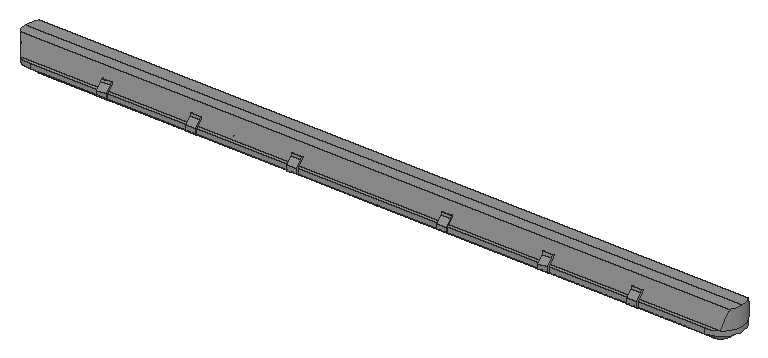
Revit family "ДСП-01 60 Вт 1500", category Осветительные приборы, Revit 2019
Family settings
  Основа = Потолок
  Размер круглого соединителя = Использовать диаметр
  Тип детали = Нормальный
  Номер OmniClass = 23.80.70.11
  Заголовок OmniClass = Luminaries for Internal Lighting
  Всегда вертикально = Да
  При загрузке вырезать с полостями = Нет
  Источник света = Да
  Общий = Нет
  Точка расчета площади = Нет
Parameters (values of type "ДСП-01-ПП-60-1500-4К-IP65")
  Эффективность светильника = "118"
  Частота сети = "50 / 60 Гц"
  Цвет корпуса = "Серый"
  Файл фотометрической сетки = "INNOLUX 14 733 DSP-01-PP-60-1500-4K-IP65.ies"
  Ударопрочность = "IK08"
  Угол наклона = 90.00°
  Типоразмер светодиода = "2835"
  Тип рассеивателя = "призматический опал"
  Тип кривой силы света по ГОСТ 54350-2011 = "Д"
  Степень защиты (IP) = "IP65"
  Срок службы = "80000"
  Способ монтажа = "накладной / подвесной"
  Сила тока = "0.27 А"
  Световой поток модуля = "8000"
  Пусковой ток = "17 А"
  Потребляемый ток = "0"
  Полная установленная мощность = 60 VA
  Объём упаковки = "1500х110х85 мм"
  built-in parameter 1150142 = "IESNA: LM-63-1995\r\n[TEST] lab - arhilight 1912726\r\n[MANUFAC] INNOLUX\r\n [LUMCAT] 14 733\r\n[LUMINAIRE] DSP-01-PP-60-1500-4Ê-IP65\r\n[LAMPCAT] LED 60W 4000K\r\n[MORE] \r\n[MORE]\r\n[LAMPCAT]\r\n[LAMP]  \r\n[BALLAST] NO\r\n[_PRODUCTGROUP] \r\n[_INFOLINK] This file is created by A.Arkhipov (www.arhilight.ru)\r\nTILT=NONE\r\n \r\n1 6771 6.7 161 73 1 2 1.49 0.095 0.075\r\n 1  1 60.0\r\n\r\n0 1 2 3 4 5 6 7 8 9 10 11 12 13 14 15 16 17 18 19 20 21 22 23 24 25 26 27 28 29 30 31 32 33 34 35 36 37 38 39 40 41 42 43 44 45 46 47 48 49 50 51 52 53 54 55 56 57 58 59 60 61 62 63 64 65 66 67 68 69 70 71 72 73 74 75 76 77 78 79 80 81 82 83 84 85 86 87 88 89 90 91 92 93 94 95 96 97 98 99 100 101 102 103 104 105 106 107 108 109 110 111 112 113 114 115 116 117 118 119 120 121 122 123 124 125 126 127 128 129 130 131 132 133 134 135 136 137 138 139 140 141 142 143 144 145 146 147 148 149 150 151 152 153 154 155 156 157 158 159 160\r\n\r\n0 2.5 5 7.5 10 12.5 15 17.5 20 22.5 25 27.5 30 32.5 35 37.5 40 42.5 45 47.5 50 52.5 55 57.5 60 62.5 65 67.5 70 72.5 75 77.5 80 82.5 85 87.5 90 92.5 95 97.5 100 102.5 105 107.5 110 112.5 115 117.5 120 122.5 125 127.5 130 132.5 135 137.5 140 142.5 145 147.5 150 152.5 155 157.5 160 162.5 165 167.5 170 172.5 175 177.5 180 \r\n\r\n292.3 292.5 292.5 292.5 292.3 292 291.6 291.2 290.6 289.9 289.1 288.3 287.3 286.1 284.9 283.6 282.2 280.7 279 277.4 275.5 273.6 271.6 269.5 267.4 265.1 262.7 260.3 257.6 255 252.3 249.4 246.5 243.5 240.5 237.2 234 230.7 227.4 223.8 220.3 216.6 213 209.1 205.4 201.4 197.4 193.4 189.4 185.2 181 176.7 172.3 167.9 163.4 158.8 154.2 149.5 144.9 140 135.3 130.4 125.6 120.7 115.8 110.8 105.8 100.8 95.7 90.5 85.5 80.3 75.2 70.1 65 59.9 55 49.9 45.1 40.3 35.6 31.1 26.7 22.7 18.9 15.4 12.3 9.6 7.4 5.9 4.9 4.4 4.2 4.2 4.2 4.1 4 4 3.9 3.9 3.9 3.9 3.9 3.8 3.8 3.8 3.8 3.7 3.7 3.7 3.7 3.6 3.6 3.6 3.6 3.6 3.6 3.6 3.6 3.6 3.6 3.5 3.5 3.5 3.5 3.6 3.5 3.6 3.6 3.6 3.6 3.6 3.6 3.6 3.6 3.6 3.6 3.7 3.7 3.7 3.7 3.7 3.7 3.8 3.7 3.8 3.8 3.8 3.8 3.8 0 0 0 0 0 0 0 0 0 0 0\r\n292.2 292.4 292.4 292.4 292.2 292 291.6 291.2 290.6 289.9 289.1 288.3 287.2 286.1 284.9 283.6 282.2 280.7 279 277.3 275.5 273.6 271.6 269.5 267.3 265 262.6 260.2 257.6 255 252.2 249.3 246.4 243.4 240.3 237.1 233.9 230.6 227.2 223.7 220.2 216.5 212.8 209 205.2 201.2 197.3 193.2 189.1 184.9 180.7 176.4 172.1 167.6 163.1 158.4 153.9 149.1 144.4 139.6 134.8 129.9 125.1 120.1 115.2 110.2 105.2 100.1 95 89.8 84.7 79.5 74.4 69.2 64.2 59.1 54.1 49.1 44.3 39.5 34.8 30.3 26 21.9 18.2 14.7 11.7 9.1 7.1 5.7 4.8 4.3 4.1 4.1 4 4 3.9 3.9 3.8 3.8 3.8 3.8 3.7 3.7 3.7 3.7 3.6 3.6 3.6 3.6 3.6 3.5 3.5 3.5 3.5 3.5 3.5 3.5 3.5 3.5 3.5 3.5 3.5 3.5 3.5 3.5 3.5 3.6 3.6 3.6 3.6 3.7 3.7 3.7 3.7 3.7 3.7 3.7 3.7 3.8 3.8 1.8 1.9 1.9 1.9 1.9 1.9 1.9 1.9 1.9 0 0 0 0 0 0 0 0 0 0 0\r\n292.1 292.2 292.3 292.3 292.2 292 291.6 291.2 290.6 289.9 289.1 288.2 287.2 286.1 284.9 283.6 282.2 280.7 279 277.3 275.5 273.6 271.6 269.5 267.3 265 262.6 260.2 257.6 254.9 252.1 249.3 246.3 243.3 240.2 237 233.8 230.5 227.1 223.6 220 216.4 212.7 208.8 205 201 197.1 193 188.9 184.7 180.4 176.1 171.8 167.3 162.8 158.1 153.5 148.8 144 139.2 134.4 129.4 124.6 119.6 114.7 109.5 104.5 99.4 94.3 89.1 84 78.7 73.5 68.4 63.4 58.2 53.2 48.2 43.4 38.7 34 29.6 25.2 21.1 17.4 14.1 11.1 8.7 6.8 5.5 4.7 4.2 4 3.9 3.9 3.9 3.8 3.8 3.7 3.7 3.7 3.6 3.6 3.6 3.6 3.5 3.5 3.5 3.5 3.5 3.5 3.4 3.5 3.4 3.4 3.4 3.4 3.5 3.4 3.5 3.4 3.5 3.5 3.5 3.5 3.5 3.6 3.6 3.6 3.6 3.6 3.7 3.7 3.7 3.7 3.7 3.8 3.8 3.8 3.8 3.8 0 0 0 0 0 0 0 0 0 0 0 0 0 0 0 0 0 0 0 0\r\n292 292.2 292.3 292.3 292.3 292 291.6 291.2 290.7 290 289.3 288.4 287.5 286.4 285.2 283.9 282.5 281 279.4 277.7 275.9 274 272 269.9 267.7 265.5 263.1 260.7 258 255.4 252.7 249.9 246.9 244 240.9 237.7 234.5 231.1 227.8 224.3 220.7 217.1 213.4 209.5 205.7 201.7 197.7 193.6 189.5 185.3 181.1 176.7 172.4 167.8 163.3 158.7 154.1 149.4 144.7 139.8 135 130.1 125.2 120.1 115.2 110.1 105 99.9 94.8 89.6 84.4 79.2 74.1 69 63.9 58.8 53.9 48.9 44.2 39.4 34.8 30.4 26.2 22.2 18.6 15.3 12.4 10 8.1 6.7 5.6 5 4.5 4.3 4.1 4 3.9 3.8 3.8 3.7 3.7 3.7 3.6 3.6 3.6 3.6 3.6 3.5 3.5 3.5 3.5 3.4 3.5 3.4 3.5 3.4 3.4 3.5 3.4 3.5 3.5 3.5 3.5 3.5 3.5 3.5 3.5 3.6 3.6 3.6 3.6 3.6 3.7 3.7 3.7 3.7 3.7 1.9 1.9 1.9 1.9 0 0 0 0 0 0 0 0 0 0 0 0 0 0 0 0 0 0 0 0\r\n292 292.1 292.4 292.3 292.3 292 291.7 291.3 290.7 290.2 289.4 288.6 287.7 286.6 285.5 284.2 282.7 281.3 279.7 278.1 276.3 274.4 272.5 270.4 268.2 266 263.6 261.2 258.5 256 253.3 250.5 247.6 244.6 241.6 238.4 235.2 231.8 228.4 224.9 221.4 217.7 214 210.2 206.4 202.4 198.4 194.3 190.2 185.9 181.7 177.3 173 168.4 163.9 159.3 154.7 150 145.3 140.4 135.6 130.7 125.8 120.7 115.8 110.6 105.5 100.4 95.2 90.1 84.9 79.8 74.7 69.5 64.5 59.4 54.6 49.6 44.9 40.2 35.6 31.3 27.1 23.3 19.7 16.5 13.7 11.3 9.4 7.8 6.6 5.7 5.1 4.6 4.3 4.1 3.9 3.9 3.8 3.8 3.8 3.7 3.7 3.6 3.6 3.6 3.6 3.6 3.6 3.6 3.5 3.5 3.5 3.5 3.5 3.5 3.5 3.5 3.4 3.5 3.5 3.5 3.4 3.5 3.5 3.5 3.5 3.6 3.6 3.5 3.6 3.6 3.6 3.6 3.6 3.7 3.6 0 0 0 0 0 0 0 0 0 0 0 0 0 0 0 0 0 0 0 0 0 0 0 0\r\n292 292.1 292.3 292.2 292.1 291.8 291.5 291 290.5 289.8 289.1 288.2 287.3 286.2 285 283.7 282.3 280.9 279.3 277.6 275.8 273.9 272 269.9 267.7 265.4 263.1 260.7 258 255.5 252.7 250 247 244.1 241 237.9 234.7 231.3 227.9 224.5 221 217.4 213.7 209.9 206.1 202.2 198.2 194.1 190.1 185.8 181.7 177.3 173 168.5 164.1 159.5 155 150.3 145.7 140.8 136.1 131.2 126.3 121.4 116.6 111.5 106.5 101.5 96.5 91.3 86.3 81.2 76.2 71.1 66.2 61.2 56.4 51.6 47 42.4 38 33.8 29.8 26 22.5 19.4 16.6 14.2 12.1 10.4 9 7.8 6.9 6.1 5.5 5.1 4.8 4.5 4.3 4.2 4.1 4 4 4 3.9 3.9 3.9 3.8 3.8 3.8 3.8 3.7 3.8 3.7 3.7 3.7 3.7 3.7 3.7 3.6 3.7 3.7 3.6 3.7 3.7 3.7 3.7 3.7 3.7 3.7 3.7 3.7 3.8 3.7 3.8 3.8 3.8 1.9 1.9 1.9 1.9 1.9 1.9 1.9 1.9 1.9 1.9 1.9 0 0 0 0 0 0 0 0 0 0 0 0 0\r\n291.9 292.1 292.1 292.1 291.9 291.7 291.3 290.8 290.3 289.5 288.8 287.9 286.9 285.8 284.6 283.3 281.9 280.4 278.8 277.1 275.3 273.4 271.5 269.3 267.2 264.9 262.5 260.1 257.6 254.9 252.2 249.4 246.5 243.6 240.4 237.3 234.1 230.8 227.5 224 220.6 217 213.4 209.6 205.8 201.9 198 193.9 189.9 185.7 181.6 177.4 173.1 168.7 164.3 159.8 155.3 150.6 146 141.2 136.5 131.7 126.9 122.1 117.3 112.4 107.6 102.6 97.7 92.6 87.7 82.6 77.7 72.7 67.8 62.9 58.3 53.6 49.1 44.7 40.4 36.4 32.4 28.8 25.4 22.3 19.5 17.1 14.8 12.9 11.3 9.9 8.7 7.7 6.8 6.1 5.6 5.1 4.8 4.5 4.4 4.3 4.3 4.3 4.2 4.2 4.1 4.1 4.1 4.1 4.1 4 4 4 3.9 4 3.9 3.9 3.9 3.8 3.9 3.9 3.9 3.9 3.9 3.8 3.9 3.9 3.9 3.9 3.9 3.8 3.9 3.9 3.9 3.9 3.9 3.9 3.8 3.8 3.8 3.8 3.8 3.8 3.8 3.9 3.9 3.9 0 0 0 0 0 0 0 0 0 0 0 0 0\r\n291.9 292.1 292.1 292 291.9 291.6 291.2 290.8 290.2 289.5 288.7 287.8 286.8 285.7 284.5 283.2 281.8 280.3 278.7 277.1 275.3 273.4 271.4 269.3 267.1 264.9 262.5 260.1 257.5 254.9 252.2 249.4 246.5 243.6 240.4 237.3 234.1 230.8 227.4 224 220.6 217 213.4 209.7 205.9 202 198.1 194.1 190.1 185.9 181.8 177.4 173.2 168.8 164.5 159.9 155.5 150.8 146.3 141.5 136.8 132 127.2 122.4 117.7 112.8 108 103.1 98.3 93.3 88.5 83.6 78.7 73.8 69 64.3 59.7 55.1 50.7 46.4 42.2 38.3 34.5 30.9 27.6 24.6 21.8 19.3 17.1 15.1 13.3 11.8 10.4 9.2 8.2 7.4 6.7 6 5.6 5.2 4.9 4.7 4.5 4.4 4.3 4.3 4.2 4.2 4.2 4.2 4.1 4.1 4.1 4 4 4 4 4 4 3.9 3.9 3.9 3.9 3.9 3.9 3.9 3.9 3.9 3.9 3.9 3.9 3.9 3.9 3.9 3.9 3.8 3.8 3.8 3.8 3.8 3.8 3.8 3.8 3.8 3.8 3.8 3.8 3.8 1.9 1.9 1.9 1.9 0 0 0 0 0 0 0 0 0\r\n291.9 292 292.1 292 291.8 291.6 291.2 290.8 290.1 289.5 288.7 287.8 286.8 285.6 284.4 283.1 281.7 280.3 278.7 277 275.2 273.3 271.3 269.3 267.1 264.8 262.5 260.1 257.5 254.9 252.2 249.4 246.5 243.6 240.5 237.3 234.1 230.8 227.4 224 220.5 217 213.4 209.7 206 202.1 198.2 194.2 190.2 186 181.9 177.5 173.3 168.9 164.6 160.1 155.7 151 146.5 141.8 137.1 132.3 127.6 122.7 118 113.2 108.4 103.6 98.9 94 89.3 84.5 79.7 74.9 70.3 65.6 61.2 56.6 52.3 48.1 44.1 40.2 36.6 33.1 29.8 26.9 24.1 21.6 19.3 17.3 15.3 13.6 12.1 10.8 9.6 8.7 7.8 7 6.4 5.8 5.4 5 4.7 4.5 4.5 4.4 4.4 4.3 4.3 4.3 4.2 4.2 4.2 4.1 4.1 4.1 4.1 4.1 4 4 4 4 4 4 4 4 4 3.9 4 3.9 3.9 3.9 3.9 3.9 3.8 3.8 3.8 3.8 3.8 3.8 3.8 3.8 3.8 3.8 3.8 3.8 3.8 3.8 3.8 3.8 3.8 3.9 0 0 0 0 0 0 0 0 0\r\n291.8 292 292.1 292 291.8 291.6 291.2 290.8 290.2 289.5 288.7 287.9 286.9 285.8 284.7 283.4 282 280.5 278.9 277.3 275.5 273.6 271.7 269.7 267.6 265.3 263 260.6 258.1 255.5 252.7 249.9 247.1 244.1 241.1 237.9 234.8 231.4 228.1 224.6 221.2 217.6 214 210.2 206.5 202.6 198.7 194.7 190.7 186.5 182.3 178 173.8 169.4 165 160.5 156.1 151.5 147 142.3 137.6 132.9 128.2 123.4 118.7 113.9 109.2 104.4 99.7 94.9 90.2 85.5 80.9 76.2 71.7 67.1 62.8 58.5 54.3 50.3 46.3 42.7 39.1 35.8 32.6 29.8 27 24.5 22.1 20 18 16.2 14.6 13.1 11.8 10.7 9.6 8.7 7.9 7.2 6.5 6 5.5 5.2 4.9 4.7 4.5 4.4 4.4 4.3 4.3 4.3 4.2 4.2 4.2 4.1 4.1 4.1 4.1 4.1 4.1 4.1 4.1 4.1 4 4 4.1 4 4.1 4.1 4.1 4.1 4 4.1 4 4 4 4.1 4 4 4.1 4 4.1 4.1 4.1 4.1 4.1 4.1 4.1 4.1 4.1 4.1 2.2 2.2 2.2 2.2 2.2 2.2 2.2 0 0\r\n291.8 291.9 292 292 291.8 291.6 291.2 290.8 290.2 289.6 288.8 288 287.1 286 284.9 283.6 282.2 280.8 279.2 277.5 275.8 273.9 272.1 270.1 268 265.9 263.5 261.2 258.6 256.1 253.3 250.5 247.7 244.7 241.7 238.5 235.4 232.1 228.8 225.3 221.8 218.2 214.6 210.8 207 203.1 199.2 195.1 191.1 186.9 182.8 178.5 174.2 169.8 165.5 161 156.6 152 147.4 142.8 138.2 133.4 128.8 124 119.3 114.6 109.9 105.2 100.5 95.8 91.2 86.5 82 77.4 73.1 68.6 64.5 60.3 56.3 52.4 48.6 45.1 41.7 38.5 35.5 32.6 29.9 27.3 24.9 22.7 20.7 18.8 17 15.4 14 12.7 11.4 10.3 9.4 8.5 7.7 7 6.4 5.8 5.3 4.9 4.7 4.5 4.4 4.4 4.3 4.3 4.3 4.3 4.2 4.2 4.2 4.2 4.2 4.2 4.2 4.2 4.1 4.2 4.1 4.1 4.2 4.2 4.2 4.2 4.2 4.2 4.2 4.3 4.2 4.3 4.3 4.3 4.3 4.3 4.3 4.3 4.3 4.3 4.4 4.3 4.4 4.4 4.4 4.4 4.4 4.4 4.4 4.4 4.4 4.4 4.4 4.4 4.4 0 0\r\n291.8 291.9 292 291.9 291.8 291.6 291.2 290.8 290.3 289.7 288.9 288.1 287.2 286.1 285 283.8 282.4 281 279.4 277.8 276 274.2 272.3 270.3 268.2 266.1 263.8 261.4 258.9 256.4 253.6 250.9 248 245.1 242.1 239 235.9 232.6 229.3 225.9 222.4 218.8 215.2 211.4 207.7 203.8 200 195.9 191.9 187.8 183.6 179.4 175.1 170.8 166.4 162 157.6 153 148.5 143.9 139.4 134.7 130.1 125.5 120.8 116.2 111.6 106.9 102.4 97.7 93.2 88.6 84.2 79.8 75.5 71.2 67.1 63 59 55.2 51.5 48 44.6 41.5 38.4 35.6 32.8 30.2 27.7 25.5 23.3 21.3 19.5 17.8 16.2 14.8 13.4 12.2 11.1 10.1 9.2 8.4 7.6 7 6.3 5.8 5.4 5 4.8 4.7 4.5 4.5 4.5 4.5 4.4 4.4 4.4 4.4 4.4 4.4 4.3 4.3 4.3 4.3 4.3 4.3 4.3 4.3 4.3 4.3 4.3 4.3 4.3 4.4 4.4 4.4 4.4 4.4 4.4 4.4 4.4 4.4 4.4 4.4 4.4 4.4 4.5 4.5 4.4 4.5 4.5 4.5 4.5 4.5 4.5 2.2 2.2 2.2 2.2 0 0\r\n291.7 291.9 292 291.9 291.7 291.5 291.2 290.8 290.3 289.7 289 288.2 287.3 286.3 285.1 283.9 282.6 281.1 279.6 278 276.3 274.5 272.5 270.6 268.4 266.3 264 261.6 259.1 256.6 253.9 251.2 248.4 245.5 242.5 239.4 236.4 233.1 229.8 226.4 223 219.4 215.8 212.1 208.4 204.5 200.7 196.7 192.7 188.6 184.5 180.3 176 171.7 167.4 163 158.6 154.1 149.7 145.1 140.6 136 131.5 126.9 122.4 117.8 113.3 108.7 104.2 99.6 95.2 90.8 86.4 82.1 77.9 73.7 69.7 65.6 61.8 58 54.4 50.9 47.6 44.4 41.4 38.5 35.7 33.1 30.6 28.3 26 23.9 22 20.2 18.4 16.9 15.4 14.1 12.8 11.8 10.7 9.7 8.9 8.1 7.4 6.7 6.1 5.6 5.3 4.9 4.8 4.8 4.7 4.7 4.7 4.6 4.6 4.6 4.5 4.5 4.5 4.5 4.4 4.4 4.4 4.4 4.4 4.4 4.4 4.4 4.4 4.4 4.5 4.5 4.5 4.5 4.5 4.5 4.5 4.5 4.5 4.5 4.5 4.5 4.5 4.5 4.5 4.5 4.5 4.6 4.6 4.5 4.6 4.6 4.6 0 0 0 0 0 0\r\n291.8 291.9 292 291.9 291.7 291.5 291.1 290.7 290.2 289.6 288.8 288 287 286 284.9 283.7 282.3 280.9 279.3 277.7 275.9 274.2 272.2 270.2 268.1 265.9 263.6 261.3 258.8 256.2 253.5 250.8 248 245.1 242.1 239 235.9 232.6 229.3 225.9 222.5 218.9 215.3 211.5 207.8 204 200.1 196.1 192.1 188 184 179.7 175.5 171.2 167 162.6 158.3 153.8 149.4 144.9 140.5 136 131.6 127 122.6 118.1 113.6 109.1 104.8 100.3 96 91.7 87.4 83.2 79.2 75.1 71.2 67.2 63.5 59.8 56.3 52.9 49.7 46.6 43.5 40.7 37.9 35.3 32.8 30.5 28.2 26.1 24.1 22.2 20.5 18.8 17.3 15.9 14.5 13.3 12.2 11.1 10.1 9.3 8.4 7.7 6.9 6.3 5.8 5.4 5 4.9 4.7 4.6 4.6 4.6 4.6 4.5 4.5 4.5 4.4 4.4 4.4 4.4 4.4 4.3 4.3 4.4 4.3 4.3 4.3 4.4 4.4 4.4 4.4 4.4 4.4 4.4 4.5 4.4 4.5 4.4 4.5 4.4 4.5 4.5 4.5 4.5 4.5 4.5 4.5 4.5 4.6 4.5 4.6 2.2 2.2 2.2 2.2 2.2 2.3\r\n291.8 291.9 292 291.9 291.7 291.4 291 290.5 290 289.4 288.6 287.8 286.8 285.8 284.6 283.4 282 280.6 279 277.4 275.6 273.8 271.9 269.9 267.8 265.6 263.3 260.9 258.4 255.9 253.2 250.4 247.6 244.6 241.6 238.5 235.4 232 228.8 225.3 221.9 218.3 214.7 211 207.2 203.4 199.5 195.5 191.6 187.5 183.4 179.2 175.1 170.8 166.5 162.3 157.9 153.5 149.2 144.8 140.5 136 131.6 127.2 122.8 118.4 114 109.6 105.3 101 96.8 92.6 88.5 84.4 80.4 76.4 72.6 68.8 65.2 61.6 58.2 54.9 51.8 48.7 45.7 42.9 40.1 37.5 35 32.7 30.4 28.3 26.2 24.3 22.5 20.8 19.2 17.6 16.2 14.9 13.7 12.5 11.4 10.4 9.5 8.6 7.8 7 6.4 5.8 5.3 4.9 4.7 4.6 4.5 4.5 4.5 4.5 4.4 4.4 4.4 4.4 4.3 4.3 4.3 4.3 4.3 4.3 4.3 4.3 4.3 4.3 4.3 4.4 4.3 4.3 4.4 4.4 4.4 4.4 4.4 4.4 4.4 4.4 4.4 4.4 4.4 4.5 4.5 4.4 4.5 4.5 4.5 4.5 4.5 4.5 4.5 4.5 4.5 4.5 4.5\r\n291.7 291.9 291.9 291.8 291.6 291.4 291 290.5 289.9 289.3 288.6 287.7 286.7 285.7 284.5 283.3 281.9 280.5 278.9 277.3 275.5 273.7 271.8 269.8 267.7 265.6 263.2 260.8 258.3 255.8 253.1 250.4 247.5 244.6 241.6 238.5 235.4 232.1 228.8 225.4 222 218.4 214.9 211.1 207.4 203.6 199.8 195.8 191.9 187.8 183.8 179.6 175.5 171.3 167.1 162.8 158.6 154.2 149.9 145.6 141.3 136.9 132.6 128.2 123.9 119.5 115.2 110.9 106.7 102.5 98.3 94.2 90.1 86.1 82.2 78.3 74.6 70.9 67.4 63.9 60.5 57.3 54.1 51.1 48.1 45.3 42.6 40 37.5 35.1 32.8 30.6 28.5 26.5 24.6 22.9 21.2 19.6 18.1 16.7 15.4 14.1 13 11.9 10.9 9.9 9 8.1 7.3 6.7 6 5.6 5.2 5 4.8 4.7 4.7 4.6 4.6 4.6 4.5 4.5 4.5 4.5 4.5 4.4 4.4 4.5 4.5 4.4 4.4 4.5 4.5 4.5 4.5 4.5 4.5 4.5 4.5 4.5 4.6 4.5 4.6 4.5 4.6 4.6 4.5 4.6 4.6 4.6 4.6 4.6 4.6 4.6 4.6 4.6 4.6 4.6 4.6 4.6 4.6\r\n291.7 291.8 291.8 291.7 291.6 291.3 291 290.4 289.8 289.3 288.5 287.6 286.6 285.6 284.4 283.2 281.8 280.4 278.8 277.2 275.5 273.7 271.8 269.8 267.6 265.5 263.1 260.7 258.3 255.7 253 250.3 247.5 244.6 241.6 238.5 235.4 232.1 228.9 225.5 222 218.4 215 211.3 207.6 203.8 200 196.1 192.2 188.2 184.2 180.1 176 171.8 167.7 163.4 159.2 154.9 150.7 146.3 142.1 137.8 133.5 129.2 124.9 120.6 116.4 112.2 108.1 104 99.9 95.8 91.8 87.9 84 80.2 76.6 73 69.5 66.1 62.7 59.6 56.4 53.5 50.5 47.7 45 42.4 39.9 37.5 35.1 32.9 30.8 28.8 26.8 25 23.2 21.5 20 18.5 17.1 15.8 14.5 13.4 12.3 11.3 10.3 9.3 8.3 7.5 6.8 6.2 5.7 5.3 5.1 4.9 4.8 4.8 4.8 4.7 4.7 4.7 4.6 4.6 4.6 4.6 4.6 4.6 4.6 4.6 4.6 4.6 4.6 4.7 4.6 4.6 4.7 4.7 4.7 4.7 4.7 4.7 4.7 4.7 4.7 4.7 4.7 4.7 4.7 4.7 4.7 4.7 4.7 4.7 4.7 4.7 4.8 4.7 4.7 4.7 4.7\r\n291.7 291.8 291.8 291.7 291.5 291.3 290.9 290.4 289.8 289.2 288.4 287.6 286.6 285.6 284.4 283.2 281.8 280.4 278.9 277.3 275.6 273.8 271.9 269.9 267.7 265.6 263.3 260.9 258.4 255.9 253.2 250.5 247.7 244.8 241.8 238.7 235.6 232.3 229.1 225.7 222.3 218.7 215.2 211.5 207.8 204.1 200.3 196.4 192.6 188.6 184.6 180.5 176.5 172.4 168.3 164.1 159.9 155.7 151.5 147.2 143.1 138.8 134.6 130.3 126.2 122 117.8 113.7 109.6 105.5 101.6 97.5 93.6 89.8 86 82.3 78.7 75.2 71.8 68.4 65.1 62 58.8 55.9 52.9 50.1 47.4 44.8 42.2 39.8 37.4 35.2 33 31 28.9 27.1 25.2 23.5 21.9 20.3 18.9 17.5 16.1 14.9 13.7 12.6 11.6 10.5 9.5 8.6 7.8 7 6.4 5.9 5.5 5.2 5 4.9 4.8 4.8 4.7 4.7 4.7 4.7 4.7 4.6 4.6 4.6 4.6 4.6 4.6 4.6 4.7 4.7 4.7 4.7 4.7 4.7 4.7 4.7 4.7 4.7 4.7 4.7 4.7 4.7 4.7 4.7 4.7 4.7 4.7 4.7 4.7 4.7 4.7 4.7 4.7 4.7 4.7 4.7 4.7\r\n291.7 291.7 291.8 291.7 291.5 291.3 290.9 290.4 289.8 289.2 288.4 287.6 286.6 285.6 284.4 283.2 281.9 280.5 279 277.4 275.6 273.9 271.9 270 267.8 265.7 263.4 261 258.5 256.1 253.4 250.7 247.9 245 242 238.9 235.8 232.6 229.3 226 222.5 219 215.5 211.8 208.1 204.3 200.6 196.7 192.9 189 185.1 181 177.1 173 168.9 164.8 160.6 156.5 152.4 148.1 144 139.8 135.7 131.5 127.4 123.3 119.2 115.1 111.2 107.1 103.2 99.2 95.5 91.7 88 84.4 80.9 77.3 74 70.7 67.4 64.3 61.2 58.3 55.3 52.5 49.8 47.2 44.6 42.2 39.8 37.5 35.3 33.2 31.1 29.2 27.3 25.5 23.8 22.2 20.6 19.2 17.8 16.4 15.2 14 12.9 11.8 10.8 9.7 8.7 7.9 7.1 6.5 5.9 5.4 5.1 4.9 4.8 4.8 4.8 4.8 4.7 4.7 4.7 4.6 4.6 4.7 4.7 4.6 4.7 4.6 4.7 4.7 4.7 4.7 4.6 4.7 4.6 4.7 4.7 4.7 4.7 4.7 4.7 4.7 4.7 4.7 4.7 4.7 4.7 4.7 4.7 4.7 4.7 4.7 4.7 4.7 4.7 4.7 4.6\r\n291.7 291.7 291.8 291.7 291.5 291.2 290.8 290.4 289.8 289.1 288.4 287.5 286.5 285.6 28
